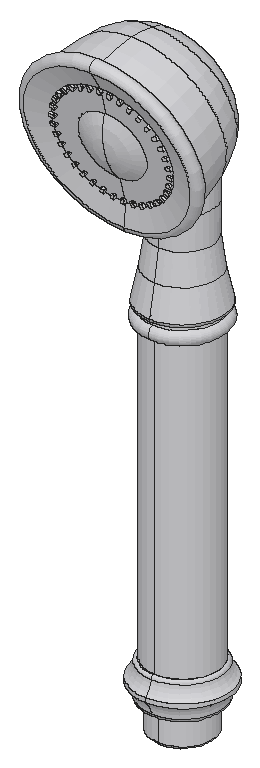
Revit family "Shower-Handshower-KOHLER-FINIAL-K-11641T-1", category Plumbing Fixtures, host Face, Revit 2017
Family settings
  Host = Face
  Round Connector Dimension = Use Diameter
  Part Type = Normal
  OmniClass Number = 23.31.17.00
  Cut with Voids When Loaded = No
  Shared = No
  Room Calculation Point = No
Parameters (values of type "CP- Polished Chrome")
  Width = 2 111/256"  # constant formula
  WaterSense Certified = 1 = 0  # no
  Waste Water Outlet = "Waste Water Outlet"  # constant formula
  Waste Connection = 1 = 0  # no
  Vent Connection = 1 = 0  # no
  URL = "http://www.kohler.com.cn/"
  Type = 1
  Tempered Water Inlet = "Tempered Water Inlet"  # constant formula
  Product Page URL = ""
  Product Name = "FINIAL"  # constant formula
  Product Documentation Link = ""
  Pressure = 72.519 psi  # constant formula
  Panel Thickness = 0"
  Model = "K-11641T-CP"  # constant formula
  Material = "Premium Metal Construction"  # constant formula
  Master Format 2014 Name = "Residential Showers"  # constant formula
  Master Format 2014 = "22 42 23"  # constant formula
  Manufacturer Address = "Kohler Beijing Office (100016) 36-2-03-B, No. 88, Liuxiang Road, Beijing"  # constant formula
  Manufacturer = "KOHLER Co."  # constant formula
  Length = 2 25/128"  # constant formula
  Hot Water Inlet = "Hot Water Inlet"  # constant formula
  Height = 8 53/64"  # constant formula
  HW Connection = 1 = 1  # yes
  Flow Rate = 0 GPM
  Finish = Kohler-Metal-CP-Polished_Chrome
  Environmental Product Declaration = ""
  Drain Included = 1 = 0  # no
  Description = "Classic Handspray"  # constant formula
  Default Elevation = 0"
  Declare Label = ""
  Date Modified = "03/10/2021"  # constant formula
  Date Created = "03/10/2021"  # constant formula
  Copyright = "Copyright KOHLER Co."  # constant formula
  Contact Us = "http://www.kohler.com.cn/contact/contact-us/"
  Cold Water Inlet = "Cold Water Inlet"  # constant formula
  CW Connection = 1 = 0  # no
  Assembly Code = "D2010700"
  ADA Compliant = 1 = 0  # no
Reference planes (in)
  plane 1 "Center (Front/Back)": y = 0
  plane 2: z = 0
  plane 3 "Center (Left/Right)": x = 0
  plane 4: y = 0.62008
  plane 5: y = -0.62008
  plane 6: z = 0.4
  plane 7: z = 8.82812
  plane 8: z = 7.67605
  plane 9: z = 6.47504
  plane 10: x = 0.62008
  plane 11: x = -1.21586
  plane 12: x = -0.62008
  plane 13: x = 1.21774
  plane 14: y = -1.57523
Dimensions and locks (in)
  "Width": plane 11 to plane 13
  "Length": plane 14 to plane 4
  plane 5 to plane 4 = 1.24016"
  plane 12 to plane 10 = 1.24016"
  plane 4 to plane 14 = 2 25/128"
  "Height": level to plane 7
  level to plane 6 = 0.4"
  plane 4 to plane 5 = 1.24016"
  aligned and locked: plane 2 to host face
  aligned and locked: level to host face
  aligned and locked: plane 3 "Center (Left/Right)" to nested 1
  aligned and locked: plane 1 "Center (Front/Back)" to nested 1
Automatic sketch dimensions
  host sketch curve to host sketch curve = 96"  (x2)
Nested families (in)
  nested 1: "K-11641T" at (0, 0, 0), type "K-11641T"
Connectors (in)
  piping at (0, 0, 0), diameter 0.5, driven by "Flow Rate", driven by "Pressure", driven by "HW Connection", driven by "Tempered Water Inlet"
    settings: on nested 1, index 1, connector inside diameter 24", connector length 0", flow factor 0, pipe flow 0 GPM, pressure drop 72.519 psi, fitting loss kfactor 0, connector angle 0.00°, fixture units 0, engagement length 0", angle of deflection 0.00°, flow configuration 0, flow direction 1, fitting loss method 4, system type 19, joint type 0, gender type 0, connector reference index -1, connector utility 1, adjustable connector no, is connector primary yes, connector description "Tempered Water Inlet"
Definition of nested family "K-11641T"
  Parameters (values of type "K-11641T")
    Material = none
  Reference planes (in)
    plane 1 "Center (Front/Back)": y = 0
    plane 2: z = 0
    plane 3 "Center (Left/Right)": x = 0
    plane 4 "A": through (0, -1.38624, 8.72337) normal (0, -0.9659, -0.2588)
    plane 5: y = 0.62008
    plane 6: y = -0.62008
    plane 7: z = 8.83
    plane 8: z = 0.4
    plane 9: x = -0.62008
    plane 10: x = 0.62008
    plane 11: x = -1.21586
    plane 12: x = 1.21586
    plane 13: y = -1.57456
    plane 14: z = 7.67605
    plane 15: z = 6.47504
  Forms (in)
    Revolve 1, solid, material <- "Material", detail levels medium+fine
      sketch origin (0, 0, 0) x (0, 1, 0) y (0, 0, 1)
        loop
          line (0, 0.4) -> (0.47991, 0.4)
          arc (0.47991, 0.4) -> (0.51043, 0.41191) -> (0.52482, 0.44134) r 0.04507
          arc (0.52482, 0.44134) -> (0.55402, 0.54065) -> (0.62008, 0.62034) r 0.25662
          line (0.62008, 0.62034) -> (0.62008, 0.67958)
          arc (0.62008, 0.67958) -> (0.55345, 0.76036) -> (0.52463, 0.86103) r 0.25662
          arc (0.52463, 0.86103) -> (0.51135, 0.8887) -> (0.48278, 0.89992) r 0.04196
          line (0.48278, 0.89992) -> (0, 0.89992) -> (0, 0.4)
        axis (0, 0.89992) -> (0, 0.4)
      angle from 0 to 360
    Revolve 2, solid, material <- "Material", detail levels medium+fine
      sketch origin (0, 0, 0) x (0, 1, 0) y (0, 0, 1)
        loop
          line (0, 0) -> (0.369, 0) -> (0.40897, 0.03997) -> (0.40897, 0.89978) -> (0.47014, 0.89978) -> (0.47014, 4.9801)
          arc (0.47014, 4.9801) -> (0.57205, 5.05559) -> (0.50007, 5.16) r 0.09124
          line (0.50007, 5.16) -> (0.50007, 5.22) -> (0, 5.22) -> (0, 0)
        axis (0, 0) -> (0, 5.22)
      angle from 0 to 360
    Revolve 3, solid, material <- "Material", detail levels medium+fine
      sketch origin (0, 0, 0) x (0, 1, 0) y (0, 0, 1)
        loop
          line (-1.10672, 7.68018) -> (-1.39653, 8.76176)
          arc (-1.39653, 8.76176) -> (-1.5123, 8.82418) -> (-1.56786, 8.70496) r 0.0904
          line (-1.56786, 8.70496) -> (-1.40471, 8.44387) -> (-1.19383, 7.65684) -> (-1.10672, 7.68018)
        axis (-1.28077, 7.63355) -> (-1.10672, 7.68018)
      angle from 0 to 360
    Extrusion 4, solid, detail levels medium+fine
      sketch origin (0, -1.19383, 7.65684) x (0, -0.258819, 0.965926) y (-1, 0, 0)
        loop
          line (0.81447, 0.02282) -> (0.76451, 0.02282)
          arc (0.76451, 0.02282) -> (0.74169, 0) -> (0.76451, -0.02282) r 0.02282
          line (0.76451, -0.02282) -> (0.81447, -0.02282)
          arc (0.81447, -0.02282) -> (0.81479, 0) -> (0.81447, 0.02282) r 0.81479
        loop
          line (-0.81447, -0.02282) -> (-0.77103, -0.02282)
          arc (-0.77103, -0.02282) -> (-0.74821, 0) -> (-0.77103, 0.02282) r 0.02282
          line (-0.77103, 0.02282) -> (-0.81447, 0.02282)
          arc (-0.81447, 0.02282) -> (-0.81479, 0) -> (-0.81447, -0.02282) r 0.81479
        loop
          line (0.75498, 0.11104) -> (0.80593, 0.11987)
          arc (0.80593, 0.11987) -> (0.80225, 0.14239) -> (0.79795, 0.1648) r 0.81479
          line (0.79795, 0.1648) -> (0.74715, 0.15584)
          arc (0.74715, 0.15584) -> (0.7287, 0.12953) -> (0.75498, 0.11104) r 0.02274
        loop
          line (0.80593, -0.11986) -> (0.75461, -0.11082)
          arc (0.75461, -0.11082) -> (0.72827, -0.12923) -> (0.74665, -0.15559) r 0.02274
          line (0.74665, -0.15559) -> (0.79795, -0.16479)
          arc (0.79795, -0.16479) -> (0.80225, -0.14239) -> (0.80593, -0.11986) r 0.81479
        loop
          line (0.77259, -0.25883) -> (0.72495, -0.24149)
          arc (0.72495, -0.24149) -> (0.6957, -0.25513) -> (0.70934, -0.28438) r 0.02282
          line (0.70934, -0.28438) -> (0.75688, -0.30168)
          arc (0.75688, -0.30168) -> (0.76504, -0.28037) -> (0.77259, -0.25883) r 0.81479
        loop
          line (0.71551, -0.38979) -> (0.67123, -0.36423)
          arc (0.67123, -0.36423) -> (0.64019, -0.37252) -> (0.64844, -0.40358) r 0.02274
          line (0.64844, -0.40358) -> (0.69256, -0.42923)
          arc (0.69256, -0.42923) -> (0.70431, -0.40967) -> (0.71551, -0.38979) r 0.81479
        loop
          line (0.63648, -0.5087) -> (0.59689, -0.47548)
          arc (0.59689, -0.47548) -> (0.56474, -0.47829) -> (0.56756, -0.51044) r 0.02282
          line (0.56756, -0.51044) -> (0.607, -0.54354)
          arc (0.607, -0.54354) -> (0.62199, -0.52633) -> (0.63648, -0.5087) r 0.81479
        loop
          line (0.53799, -0.61193) -> (0.50248, -0.5696)
          arc (0.50248, -0.5696) -> (0.47048, -0.56678) -> (0.46761, -0.59877) r 0.02273
          line (0.46761, -0.59877) -> (0.50289, -0.64108)
          arc (0.50289, -0.64108) -> (0.52064, -0.62675) -> (0.53799, -0.61193) r 0.81479
        loop
          line (0.35831, -0.67537) -> (0.38346, -0.71892)
          arc (0.38346, -0.71892) -> (0.40344, -0.7079) -> (0.42311, -0.69632) r 0.81479
          line (0.42311, -0.69632) -> (0.39784, -0.65255)
          arc (0.39784, -0.65255) -> (0.36667, -0.6442) -> (0.35831, -0.67537) r 0.02282
        loop
          line (0.2954, -0.75936) -> (0.27786, -0.71117)
          arc (0.27786, -0.71117) -> (0.24875, -0.69757) -> (0.23511, -0.72666) r 0.02274
          line (0.23511, -0.72666) -> (0.25244, -0.7747)
          arc (0.25244, -0.7747) -> (0.27403, -0.76733) -> (0.2954, -0.75936) r 0.81479
        loop
          line (0.15882, -0.79916) -> (0.1502, -0.75029)
          arc (0.1502, -0.75029) -> (0.12377, -0.73178) -> (0.10526, -0.75822) r 0.02282
          line (0.10526, -0.75822) -> (0.11383, -0.8068)
          arc (0.11383, -0.8068) -> (0.13638, -0.8033) -> (0.15882, -0.79916) r 0.81479
        loop
          arc (0.01755, -0.76379) -> (-0.00515, -0.74105) -> (-0.02791, -0.76372) r 0.02273
          line (-0.02791, -0.76372) -> (-0.02806, -0.81431)
          arc (-0.02806, -0.81431) -> (-0.00526, -0.81477) -> (0.01755, -0.8146) r 0.81479
          line (0.01755, -0.8146) -> (0.01755, -0.76379)
        loop
          line (-0.12409, -0.80529) -> (-0.11578, -0.75817)
          arc (-0.11578, -0.75817) -> (-0.13429, -0.73174) -> (-0.16072, -0.75024) r 0.02282
          line (-0.16072, -0.75024) -> (-0.16898, -0.79708)
          arc (-0.16898, -0.79708) -> (-0.14659, -0.8015) -> (-0.12409, -0.80529) r 0.81479
        loop
          line (-0.26181, -0.77158) -> (-0.24534, -0.72633)
          arc (-0.24534, -0.72633) -> (-0.2589, -0.6972) -> (-0.28805, -0.71071) r 0.02273
          line (-0.28805, -0.71071) -> (-0.30458, -0.75572)
          arc (-0.30458, -0.75572) -> (-0.28331, -0.76395) -> (-0.26181, -0.77158) r 0.81479
        loop
          line (-0.39148, -0.71458) -> (-0.36755, -0.67313)
          arc (-0.36755, -0.67313) -> (-0.3759, -0.64196) -> (-0.40707, -0.65032) r 0.02282
          line (-0.40707, -0.65032) -> (-0.43087, -0.69154)
          arc (-0.43087, -0.69154) -> (-0.41134, -0.70334) -> (-0.39148, -0.71458) r 0.81479
        loop
          line (-0.50921, -0.63608) -> (-0.47859, -0.59958)
          arc (-0.47859, -0.59958) -> (-0.48136, -0.56758) -> (-0.51337, -0.57031) r 0.02273
          line (-0.51337, -0.57031) -> (-0.544, -0.60659)
          arc (-0.544, -0.60659) -> (-0.52681, -0.62158) -> (-0.50921, -0.63608) r 0.81479
        loop
          line (-0.6115, -0.53848) -> (-0.57568, -0.50842)
          arc (-0.57568, -0.50842) -> (-0.57287, -0.47628) -> (-0.60501, -0.47346) r 0.02282
          line (-0.60501, -0.47346) -> (-0.64069, -0.5034)
          arc (-0.64069, -0.5034) -> (-0.62634, -0.52114) -> (-0.6115, -0.53848) r 0.81479
        loop
          line (-0.69532, -0.42475) -> (-0.65436, -0.40111)
          arc (-0.65436, -0.40111) -> (-0.64603, -0.37008) -> (-0.67704, -0.3617) r 0.02273
          line (-0.67704, -0.3617) -> (-0.71799, -0.38519)
          arc (-0.71799, -0.38519) -> (-0.70693, -0.40513) -> (-0.69532, -0.42475) r 0.81479
        loop
          line (-0.75821, -0.29833) -> (-0.7164, -0.28312)
          arc (-0.7164, -0.28312) -> (-0.70276, -0.25387) -> (-0.73201, -0.24023) r 0.02282
          line (-0.73201, -0.24023) -> (-0.77372, -0.25541)
          arc (-0.77372, -0.25541) -> (-0.76627, -0.27698) -> (-0.75821, -0.29833) r 0.81479
        loop
          line (-0.79832, -0.16301) -> (-0.75344, -0.15509)
          arc (-0.75344, -0.15509) -> (-0.73499, -0.12879) -> (-0.76127, -0.11031) r 0.02273
          line (-0.76127, -0.11031) -> (-0.80619, -0.11809)
          arc (-0.80619, -0.11809) -> (-0.80257, -0.1406) -> (-0.79832, -0.16301) r 0.81479
        loop
          line (-0.80619, 0.11806) -> (-0.76233, 0.11032)
          arc (-0.76233, 0.11032) -> (-0.736, 0.12873) -> (-0.75437, 0.15509) r 0.02273
          line (-0.75437, 0.15509) -> (-0.79833, 0.16297)
          arc (-0.79833, 0.16297) -> (-0.80257, 0.14057) -> (-0.80619, 0.11806) r 0.81479
        loop
          line (-0.77372, 0.25541) -> (-0.72944, 0.2393)
          arc (-0.72944, 0.2393) -> (-0.7002, 0.25293) -> (-0.71383, 0.28218) r 0.02282
          line (-0.71383, 0.28218) -> (-0.75821, 0.29833)
          arc (-0.75821, 0.29833) -> (-0.76627, 0.27698) -> (-0.77372, 0.25541) r 0.81479
        loop
          line (-0.71801, 0.38516) -> (-0.67619, 0.36101)
          arc (-0.67619, 0.36101) -> (-0.64516, 0.3693) -> (-0.6534, 0.40035) r 0.02273
          line (-0.6534, 0.40035) -> (-0.69534, 0.42472)
          arc (-0.69534, 0.42472) -> (-0.70695, 0.4051) -> (-0.71801, 0.38516) r 0.81479
        loop
          line (-0.64069, 0.5034) -> (-0.60473, 0.47323)
          arc (-0.60473, 0.47323) -> (-0.57259, 0.47604) -> (-0.5754, 0.50819) r 0.02282
          line (-0.5754, 0.50819) -> (-0.6115, 0.53848)
          arc (-0.6115, 0.53848) -> (-0.62634, 0.52114) -> (-0.64069, 0.5034) r 0.81479
        loop
          line (-0.54402, 0.60657) -> (-0.51406, 0.57086)
          arc (-0.51406, 0.57086) -> (-0.48206, 0.56804) -> (-0.47919, 0.60004) r 0.02273
          line (-0.47919, 0.60004) -> (-0.50923, 0.63606)
          arc (-0.50923, 0.63606) -> (-0.52683, 0.62156) -> (-0.54402, 0.60657) r 0.81479
        loop
          line (-0.43087, 0.69154) -> (-0.40775, 0.6515)
          arc (-0.40775, 0.6515) -> (-0.37658, 0.64314) -> (-0.36823, 0.67431) r 0.02282
          line (-0.36823, 0.67431) -> (-0.39148, 0.71458)
          arc (-0.39148, 0.71458) -> (-0.41134, 0.70334) -> (-0.43087, 0.69154) r 0.81479
        loop
          line (-0.3046, 0.75571) -> (-0.28824, 0.71077)
          arc (-0.28824, 0.71077) -> (-0.25914, 0.69717) -> (-0.24549, 0.72625) r 0.02273
          line (-0.24549, 0.72625) -> (-0.26184, 0.77157)
          arc (-0.26184, 0.77157) -> (-0.28333, 0.76394) -> (-0.3046, 0.75571) r 0.81479
        loop
          line (-0.16898, 0.79708) -> (-0.16121, 0.75304)
          arc (-0.16121, 0.75304) -> (-0.13478, 0.73453) -> (-0.11627, 0.76096) r 0.02282
          line (-0.11627, 0.76096) -> (-0.12409, 0.80529)
          arc (-0.12409, 0.80529) -> (-0.14659, 0.8015) -> (-0.16898, 0.79708) r 0.81479
        loop
          arc (-0.02808, 0.76509) -> (-0.00538, 0.74235) -> (0.01739, 0.76502) r 0.02274
          line (0.01739, 0.76502) -> (0.01753, 0.8146)
          arc (0.01753, 0.8146) -> (-0.00528, 0.81477) -> (-0.02808, 0.81431) r 0.81479
          line (-0.02808, 0.81431) -> (-0.02808, 0.76509)
        loop
          line (0.11383, 0.8068) -> (0.10532, 0.75854)
          arc (0.10532, 0.75854) -> (0.12383, 0.73211) -> (0.15026, 0.75061) r 0.02282
          line (0.15026, 0.75061) -> (0.15882, 0.79916)
          arc (0.15882, 0.79916) -> (0.13638, 0.8033) -> (0.11383, 0.8068) r 0.81479
        loop
          line (0.25242, 0.7747) -> (0.23625, 0.73028)
          arc (0.23625, 0.73028) -> (0.24981, 0.70114) -> (0.27897, 0.71466) r 0.02274
          line (0.27897, 0.71466) -> (0.29539, 0.75936)
          arc (0.29539, 0.75936) -> (0.27401, 0.76733) -> (0.25242, 0.7747) r 0.81479
        loop
          line (0.38346, 0.71892) -> (0.35958, 0.67756)
          arc (0.35958, 0.67756) -> (0.36793, 0.64639) -> (0.3991, 0.65474) r 0.02282
          line (0.3991, 0.65474) -> (0.42311, 0.69632)
          arc (0.42311, 0.69632) -> (0.40344, 0.7079) -> (0.38346, 0.71892) r 0.81479
        loop
          line (0.50288, 0.64109) -> (0.46993, 0.60181)
          arc (0.46993, 0.60181) -> (0.47271, 0.5698) -> (0.50472, 0.57253) r 0.02274
          line (0.50472, 0.57253) -> (0.53798, 0.61193)
          arc (0.53798, 0.61193) -> (0.52064, 0.62675) -> (0.50288, 0.64109) r 0.81479
        loop
          line (0.607, 0.54354) -> (0.56814, 0.51093)
          arc (0.56814, 0.51093) -> (0.56532, 0.47878) -> (0.59747, 0.47597) r 0.02282
          line (0.59747, 0.47597) -> (0.63648, 0.5087)
          arc (0.63648, 0.5087) -> (0.62199, 0.52633) -> (0.607, 0.54354) r 0.81479
        loop
          line (0.69256, 0.42924) -> (0.64861, 0.40386)
          arc (0.64861, 0.40386) -> (0.64027, 0.37283) -> (0.67129, 0.36444) r 0.02274
          line (0.67129, 0.36444) -> (0.7155, 0.38979)
          arc (0.7155, 0.38979) -> (0.70431, 0.40968) -> (0.69256, 0.42924) r 0.81479
        loop
          line (0.75688, 0.30168) -> (0.71155, 0.28518)
          arc (0.71155, 0.28518) -> (0.69791, 0.25593) -> (0.72716, 0.2423) r 0.02282
          line (0.72716, 0.2423) -> (0.77259, 0.25883)
          arc (0.77259, 0.25883) -> (0.76504, 0.28037) -> (0.75688, 0.30168) r 0.81479
      from -0.18478 to 0.02982
    Revolve 5, solid, material <- "Material", detail levels medium+fine
      sketch origin (0, 0, 0) x (0, 1, 0) y (0, 0, 1)
        loop
          line (-1.19246, 7.65176) -> (-1.31174, 8.09689)
          arc (-1.31174, 8.09689) -> (-1.34831, 7.85796) -> (-1.31785, 7.61816) r 0.8716
          line (-1.31785, 7.61816) -> (-1.19246, 7.65176)
        axis (-1.31785, 7.61816) -> (-1.19246, 7.65176)
      angle from 0 to 360
    Revolve 6, solid, material <- "Material"
      sketch origin (0, 0, 0) x (0, 1, 0) y (0, 0, 1)
        loop
          line (-1.10424, 7.67092) -> (0.17529, 8.01377)
          arc (0.17529, 8.01377) -> (0.07532, 8.2491) -> (-0.04653, 8.47389) r 2.69175
          arc (-0.04653, 8.47389) -> (-0.08867, 8.53576) -> (-0.13718, 8.59276) r 0.69821
          arc (-0.13718, 8.59276) -> (-0.30244, 8.72142) -> (-0.49842, 8.79527) r 0.69821
          arc (-0.49842, 8.79527) -> (-0.6759, 8.82068) -> (-0.85519, 8.82191) r 1.32574
          arc (-0.85519, 8.82191) -> (-1.1243, 8.79126) -> (-1.3887, 8.73256) r 2.57828
          line (-1.3887, 8.73256) -> (-1.10424, 7.67092)
        axis (0.17529, 8.01377) -> (-1.10424, 7.67092)
      angle from 0 to 360
    Revolve 7, solid, material <- "Material"
      sketch origin (0, 0, 0) x (0, 1, 0) y (0, 0, 1)
        loop
          line (0, 5.22) -> (0.52816, 5.22)
          arc (0.52816, 5.22) -> (0.55116, 5.23109) -> (0.55679, 5.25599) r 0.02938
          line (0.55679, 5.25599) -> (0.46375, 5.65899)
          arc (0.46375, 5.65899) -> (0.4259, 5.85728) -> (0.40331, 6.05788) r 2.63887
          arc (0.40331, 6.05788) -> (0.39621, 6.2751) -> (0.40701, 6.49217) r 2.63887
          arc (0.40701, 6.49217) -> (0.41473, 6.66398) -> (0.4066, 6.83578) r 1.86814
          arc (0.4066, 6.83578) -> (0.37251, 7.13766) -> (0.32686, 7.43801) r 7.92017
          arc (0.32686, 7.43801) -> (0.20562, 7.87699) -> (0, 8.28334) r 2.29276
          line (0, 8.28334) -> (0, 5.22)
        axis (0, 5.22) -> (0, 8.28334)
      angle from 0 to 360
    Extrusion 8, solid, material <- "Material", detail levels coarse
      sketch origin (0, 0, 0) x (1, 0, 0) y (0, 1, 0)
        loop
          circle (0, 0) r 0.59055
      from 0 to 5.22
    Revolve 9, solid, material <- "Material", detail levels coarse
      sketch origin (0, 0, 0) x (0, 1, 0) y (0, 0, 1)
        loop
          line (-1.10672, 7.68018) -> (-1.39669, 8.76236)
          arc (-1.39669, 8.76236) -> (-1.50703, 8.82607) -> (-1.57074, 8.71572) r 0.0901
          line (-1.57074, 8.71572) -> (-1.28077, 7.63355) -> (-1.10672, 7.68018)
        axis (-1.28077, 7.63355) -> (-1.10672, 7.68018)
      angle from 0 to 360
  Cuts and joins
    joined: Revolve 2, Revolve 3
  Lines and regions (in)
    Masking region 1
      outline origin (0, 0, 0) x (0, 1, 0) y (0, 0, 1)
        loop
          line (0.62008, 0.62034) -> (0.62008, 0.67958)
          arc (0.62008, 0.67958) -> (0.55345, 0.76036) -> (0.52463, 0.86103) r 0.25662
          arc (0.52463, 0.86103) -> (0.5065, 0.89322) -> (0.47014, 0.89978) r 0.0434
          line (0.47014, 0.89978) -> (0.47014, 4.98034)
          arc (0.47014, 4.98034) -> (0.57366, 5.05542) -> (0.50007, 5.16) r 0.09108
          line (0.50007, 5.16) -> (0.50007, 5.22) -> (0.53257, 5.22)
          arc (0.53257, 5.22) -> (0.55089, 5.22884) -> (0.55538, 5.24868) r 0.02341
          line (0.55538, 5.24868) -> (0.46095, 5.6577)
          arc (0.46095, 5.6577) -> (0.4204, 5.88623) -> (0.40347, 6.11772) r 2.26362
          arc (0.40347, 6.11772) -> (0.4025, 6.27516) -> (0.40644, 6.43255) r 5.05233
          arc (0.40644, 6.43255) -> (0.40789, 6.73491) -> (0.38769, 7.0366) r 4.22155
          arc (0.38769, 7.0366) -> (0.31264, 7.50496) -> (0.18552, 7.96195) r 4.22155
          arc (0.18552, 7.96195) -> (0.11207, 8.16148) -> (0.02868, 8.35705) r 4.22155
          arc (0.02868, 8.35705) -> (-0.00508, 8.42125) -> (-0.0458, 8.48128) r 0.64919
          arc (-0.0458, 8.48128) -> (-0.11588, 8.56651) -> (-0.19198, 8.64642) r 1.51657
          arc (-0.19198, 8.64642) -> (-0.24932, 8.69404) -> (-0.31353, 8.73188) r 0.46476
          arc (-0.31353, 8.73188) -> (-0.44911, 8.78438) -> (-0.59151, 8.81376) r 0.87737
          arc (-0.59151, 8.81376) -> (-0.72459, 8.82402) -> (-0.85807, 8.82268) r 1.5336
          arc (-0.85807, 8.82268) -> (-1.12602, 8.79304) -> (-1.38892, 8.73338) r 2.38606
          line (-1.38892, 8.73338) -> (-1.39804, 8.76511)
          arc (-1.39804, 8.76511) -> (-1.50838, 8.82686) -> (-1.5711, 8.71708) r 0.08981
          line (-1.5711, 8.71708) -> (-1.34569, 7.87584)
          arc (-1.34569, 7.87584) -> (-1.31544, 7.61095) -> (-1.2092, 7.36642) r 0.90349
          line (-1.2092, 7.36642) -> (-0.98824, 6.54182)
          arc (-0.98824, 6.54182) -> (-0.8779, 6.47811) -> (-0.81419, 6.58845) r 0.0901
          line (-0.81419, 6.58845) -> (-0.82231, 6.61873)
          arc (-0.82231, 6.61873) -> (-0.52234, 6.36109) -> (-0.41542, 5.98039) r 0.68301
          arc (-0.41542, 5.98039) -> (-0.43239, 5.7867) -> (-0.47527, 5.59706) r 1.44135
          line (-0.47527, 5.59706) -> (-0.5764, 5.25801)
          arc (-0.5764, 5.25801) -> (-0.57177, 5.2319) -> (-0.54807, 5.22) r 0.02956
          line (-0.54807, 5.22) -> (-0.50007, 5.22) -> (-0.50007, 5.16)
          arc (-0.50007, 5.16) -> (-0.57366, 5.05542) -> (-0.47014, 4.98034) r 0.09108
          line (-0.47014, 4.98034) -> (-0.47014, 0.89978)
          arc (-0.47014, 0.89978) -> (-0.5065, 0.89322) -> (-0.52463, 0.86103) r 0.0434
          arc (-0.52463, 0.86103) -> (-0.55345, 0.76036) -> (-0.62008, 0.67958) r 0.25662
          line (-0.62008, 0.67958) -> (-0.62008, 0.62034)
          arc (-0.62008, 0.62034) -> (-0.55402, 0.54065) -> (-0.52482, 0.44134) r 0.25662
          arc (-0.52482, 0.44134) -> (-0.51043, 0.41191) -> (-0.47991, 0.4) r 0.04507
          line (-0.47991, 0.4) -> (-0.40897, 0.4) -> (-0.40897, 0.03997) -> (-0.369, 0) -> (0.369, 0) -> (0.40897, 0.03997) -> (0.40897, 0.4) -> (0.47991, 0.4)
          arc (0.47991, 0.4) -> (0.51043, 0.41191) -> (0.52482, 0.44134) r 0.04507
          arc (0.52482, 0.44134) -> (0.55402, 0.54065) -> (0.62008, 0.62034) r 0.25662
    Masking region 2
      outline origin (0, 0, 0) x (1, 0, 0) y (0, 0, 1)
        loop
          arc (-0.62008, 0.62034) -> (-0.55402, 0.54065) -> (-0.52482, 0.44134) r 0.25662
          arc (-0.52482, 0.44134) -> (-0.51043, 0.41191) -> (-0.47991, 0.4) r 0.04507
          line (-0.47991, 0.4) -> (-0.40897, 0.4) -> (-0.40897, 0.03997) -> (-0.369, 0) -> (0.369, 0) -> (0.40897, 0.03997) -> (0.40897, 0.4) -> (0.47991, 0.4)
          arc (0.47991, 0.4) -> (0.51043, 0.41191) -> (0.52482, 0.44134) r 0.04507
          arc (0.52482, 0.44134) -> (0.55402, 0.54065) -> (0.62008, 0.62034) r 0.25662
          line (0.62008, 0.62034) -> (0.62008, 0.67958)
          arc (0.62008, 0.67958) -> (0.55345, 0.76036) -> (0.52463, 0.86103) r 0.25662
          arc (0.52463, 0.86103) -> (0.5065, 0.89322) -> (0.47014, 0.89978) r 0.0434
          line (0.47014, 0.89978) -> (0.47014, 4.98034)
          arc (0.47014, 4.98034) -> (0.57366, 5.05542) -> (0.50007, 5.16) r 0.09108
          line (0.50007, 5.16) -> (0.50007, 5.22) -> (0.53768, 5.22)
          arc (0.53768, 5.22) -> (0.56046, 5.23107) -> (0.56584, 5.25582) r 0.02898
          line (0.56584, 5.25582) -> (0.47526, 5.62817)
          arc (0.47526, 5.62817) -> (0.43321, 5.81794) -> (0.40868, 6.01077) r 2.1258
          arc (0.40868, 6.01077) -> (0.42524, 6.30835) -> (0.52136, 6.59047) r 1.0959
          arc (0.52136, 6.59047) -> (1.02827, 7.01096) -> (1.21672, 7.64204) r 1.13617
          arc (1.21672, 7.64204) -> (1.12313, 8.09689) -> (0.86052, 8.47989) r 1.17422
          arc (0.86052, 8.47989) -> (-0.00262, 8.83002) -> (-0.86577, 8.47989) r 1.239
          arc (-0.86577, 8.47989) -> (-1.19685, 7.86052) -> (-1.10758, 7.1639) r 1.15406
          arc (-1.10758, 7.1639) -> (-0.86622, 6.82445) -> (-0.52009, 6.59279) r 1.15406
          arc (-0.52009, 6.59279) -> (-0.41715, 6.27092) -> (-0.41559, 5.933) r 1.11263
          arc (-0.41559, 5.933) -> (-0.44202, 5.77784) -> (-0.47492, 5.62391) r 3.76327
          line (-0.47492, 5.62391) -> (-0.56655, 5.25822)
          arc (-0.56655, 5.25822) -> (-0.56096, 5.23183) -> (-0.53672, 5.22) r 0.03075
          line (-0.53672, 5.22) -> (-0.50007, 5.22) -> (-0.50007, 5.16)
          arc (-0.50007, 5.16) -> (-0.57366, 5.05542) -> (-0.47014, 4.98034) r 0.09108
          line (-0.47014, 4.98034) -> (-0.47014, 0.89978)
          arc (-0.47014, 0.89978) -> (-0.5065, 0.89322) -> (-0.52463, 0.86103) r 0.0434
          arc (-0.52463, 0.86103) -> (-0.55345, 0.76036) -> (-0.62008, 0.67958) r 0.25662
          line (-0.62008, 0.67958) -> (-0.62008, 0.62034)
    Masking region 3
      outline origin (0, 0, 0) x (1, 0, 0) y (0, 1, 0)
        loop
          arc (0.61993, 0.01366) -> (0.4336, 0.44326) -> (0, 0.62008) r 0.62008
          arc (0, 0.62008) -> (-0.4336, 0.44326) -> (-0.61993, 0.01366) r 0.62008
          arc (-0.61993, 0.01366) -> (-0.82106, -0.26962) -> (-0.9827, -0.57715) r 2.60464
          arc (-0.9827, -0.57715) -> (-1.05676, -0.78958) -> (-1.09527, -1.01123) r 1.37814
          arc (-1.09527, -1.01123) -> (-1.15089, -1.05249) -> (-1.19246, -1.10787) r 0.24068
          arc (-1.19246, -1.10787) -> (-1.21405, -1.19252) -> (-1.19246, -1.27716) r 0.17671
          arc (-1.19246, -1.27716) -> (-1.181, -1.29543) -> (-1.16739, -1.31216) r 0.17671
          arc (-1.16739, -1.31216) -> (-1.09733, -1.37334) -> (-1.01567, -1.41789) r 0.42675
          arc (-1.01567, -1.41789) -> (-0.84474, -1.4777) -> (-0.66838, -1.51883) r 1.68692
          arc (-0.66838, -1.51883) -> (-0.33547, -1.56212) -> (0, -1.57456) r 3.64039
          arc (0, -1.57456) -> (0.33547, -1.56212) -> (0.66838, -1.51883) r 3.64039
          arc (0.66838, -1.51883) -> (0.84474, -1.4777) -> (1.01567, -1.41789) r 1.68692
          arc (1.01567, -1.41789) -> (1.09733, -1.37334) -> (1.16739, -1.31216) r 0.42675
          arc (1.16739, -1.31216) -> (1.181, -1.29543) -> (1.19246, -1.27716) r 0.17671
          arc (1.19246, -1.27716) -> (1.21405, -1.19252) -> (1.19246, -1.10787) r 0.17671
          arc (1.19246, -1.10787) -> (1.15089, -1.05249) -> (1.09527, -1.01123) r 0.24068
          arc (1.09527, -1.01123) -> (1.05676, -0.78958) -> (0.9827, -0.57715) r 1.37814
          arc (0.9827, -0.57715) -> (0.82106, -0.26962) -> (0.61993, 0.01366) r 2.60464
    symbolic lines, detail levels medium+fine
      curve 1: line (0, 0.40897, 0.03997) -> (0, -0.40897, 0.03997)
      curve 2: line (0, 0.40897, 0.4) -> (0, -0.40897, 0.4)
      curve 3: line (0, 0.62008, 0.62034) -> (0, -0.62008, 0.62034)
      curve 4: line (0, 0.62008, 0.67958) -> (0, -0.62008, 0.67958)
      curve 5: line (0, 0.47014, 0.89978) -> (0, -0.47014, 0.89978)
      curve 6: line (0, 0.47014, 4.9801) -> (0, -0.47182, 4.9801)
      curve 7: line (0, 0.50007, 5.16) -> (0, -0.50007, 5.16)
      curve 8: line (0, 0.50007, 5.22) -> (0, -0.50007, 5.22)
      curve 9: line (0, 0.55538, 5.24868) -> (0, -0.57918, 5.24868)
      curve 10: line (0, -1.38892, 8.73338) -> (0, -0.82231, 6.61873)
      curve 11: line (0, -1.34569, 7.87584) -> (0, -1.2092, 7.36642)
      curve 12: line (-0.40897, 0, 0.03997) -> (0.40897, 0, 0.03997)
      curve 13: line (-0.40897, 0, 0.4) -> (0.40897, 0, 0.4)
      curve 14: line (-0.62008, 0, 0.62034) -> (0.62008, 0, 0.62034)
      curve 15: line (-0.62008, 0, 0.67958) -> (0.62008, 0, 0.67958)
      curve 16: line (-0.47014, 0, 0.89978) -> (0.47014, 0, 0.89978)
      curve 17: line (-0.47014, 0, 4.98034) -> (0.47014, 0, 4.98034)
      curve 18: line (-0.50007, 0, 5.16) -> (0.50007, 0, 5.16)
      curve 19: line (-0.50007, 0, 5.22) -> (0.50007, 0, 5.22)
      curve 20: line (-0.56655, 0, 5.25822) -> (0.56525, 0, 5.25822)
      curve 21: spline (0, 0, 6.56213) -> (-0.28708, 0, 6.59864) -> (-0.5546, 0, 6.70568) -> (-0.78433, 0, 6.87594) -> (-0.9606, 0, 7.09784) -> (-1.07141, 0, 7.35624) -> (-1.10921, 0, 7.63355) -> (-1.07141, 0, 7.91085) -> (-0.9606, 0, 8.16925) -> (-0.78433, 0, 8.39115) -> (-0.5546, 0, 8.56142) -> (-0.28708, 0, 8.66845) -> (0, 0, 8.70496)
      curve 22: spline (0, 0, 8.70496) -> (0.28708, 0, 8.66845) -> (0.5546, 0, 8.56142) -> (0.78433, 0, 8.39115) -> (0.9606, 0, 8.16925) -> (1.07141, 0, 7.91085) -> (1.10921, 0, 7.63355) -> (1.07141, 0, 7.35624) -> (0.9606, 0, 7.09784) -> (0.78433, 0, 6.87594) -> (0.5546, 0, 6.70568) -> (0.28708, 0, 6.59864) -> (0, 0, 6.56213)
      curve 23: spline (0, 0, 7.20662) -> (-0.11927, 0, 7.22179) -> (-0.23042, 0, 7.26626) -> (-0.32586, 0, 7.337) -> (-0.3991, 0, 7.42919) -> (-0.44514, 0, 7.53655) -> (-0.46084, 0, 7.65176) -> (-0.44514, 0, 7.76697) -> (-0.3991, 0, 7.87433) -> (-0.32586, 0, 7.96652) -> (-0.23042, 0, 8.03726) -> (-0.11927, 0, 8.08173) -> (0, 0, 8.09689)
      curve 24: spline (0, 0, 8.09689) -> (0.11927, 0, 8.08173) -> (0.23042, 0, 8.03726) -> (0.32586, 0, 7.96652) -> (0.3991, 0, 7.87433) -> (0.44514, 0, 7.76697) -> (0.46084, 0, 7.65176) -> (0.44514, 0, 7.53655) -> (0.3991, 0, 7.42919) -> (0.32586, 0, 7.337) -> (0.23042, 0, 7.26626) -> (0.11927, 0, 7.22179) -> (0, 0, 7.20662)
      curve 25: spline (0, 0, 6.86981) -> (-0.21088, 0, 6.89663) -> (-0.4074, 0, 6.97526) -> (-0.57614, 0, 7.10033) -> (-0.70563, 0, 7.26333) -> (-0.78703, 0, 7.45314) -> (-0.81479, 0, 7.65684) -> (-0.78703, 0, 7.86054) -> (-0.70563, 0, 8.05036) -> (-0.57614, 0, 8.21336) -> (-0.4074, 0, 8.33843) -> (-0.21088, 0, 8.41705) -> (0, 0, 8.44387)
      curve 26: spline (0, 0, 8.44387) -> (0.21088, 0, 8.41705) -> (0.4074, 0, 8.33843) -> (0.57614, 0, 8.21336) -> (0.70563, 0, 8.05036) -> (0.78703, 0, 7.86054) -> (0.81479, 0, 7.65684) -> (0.78703, 0, 7.45314) -> (0.70563, 0, 7.26333) -> (0.57614, 0, 7.10033) -> (0.4074, 0, 6.97526) -> (0.21088, 0, 6.89663) -> (0, 0, 6.86981)
      curve 27: line (-0.43263, 0, 8.32376) -> (-0.40386, 0, 8.27563)
      curve 28: spline (-0.40386, 0, 8.27563) -> (-0.40025, 0, 8.27109) -> (-0.39555, 0, 8.2676) -> (-0.39007, 0, 8.2654) -> (-0.38419, 0, 8.26465) -> (-0.37831, 0, 8.26539) -> (-0.37283, 0, 8.26758) -> (-0.36812, 0, 8.27106) -> (-0.3645, 0, 8.2756) -> (-0.36222, 0, 8.28088) -> (-0.36143, 0, 8.28656) -> (-0.36219, 0, 8.29224) -> (-0.36444, 0, 8.29754)
      curve 29: line (-0.36444, 0, 8.29754) -> (-0.39328, 0, 8.34612)
      curve 30: line (-0.30422, 0, 8.38695) -> (-0.28518, 0, 8.33643)
      curve 31: spline (-0.28518, 0, 8.33643) -> (-0.28243, 0, 8.33132) -> (-0.27841, 0, 8.32708) -> (-0.27338, 0, 8.32399) -> (-0.2677, 0, 8.32226) -> (-0.26175, 0, 8.32201) -> (-0.25593, 0, 8.32325) -> (-0.25065, 0, 8.32591) -> (-0.24626, 0, 8.3298) -> (-0.24306, 0, 8.33465) -> (-0.24127, 0, 8.34014) -> (-0.24101, 0, 8.34589) -> (-0.2423, 0, 8.3515)
      curve 32: line (-0.2423, 0, 8.3515) -> (-0.26142, 0, 8.40226)
      curve 33: line (-0.16616, 0, 8.42733) -> (-0.15584, 0, 8.37082)
      curve 34: line (-0.11104, 0, 8.37838) -> (-0.12122, 0, 8.43511)
      curve 35: spline (-0.15584, 0, 8.37082) -> (-0.15406, 0, 8.36535) -> (-0.15087, 0, 8.36052) -> (-0.1465, 0, 8.35665) -> (-0.14125, 0, 8.354) -> (-0.13546, 0, 8.35275) -> (-0.12953, 0, 8.35299) -> (-0.12387, 0, 8.35471) -> (-0.11886, 0, 8.35778) -> (-0.11485, 0, 8.36199) -> (-0.1121, 0, 8.36707) -> (-0.1108, 0, 8.37266) -> (-0.11104, 0, 8.37838)
      curve 36: spline (-0.02282, 0, 8.38758) -> (-0.02204, 0, 8.38188) -> (-0.01976, 0, 8.37656) -> (-0.01613, 0, 8.372) -> (-0.01141, 0, 8.3685) -> (-0.00591, 0, 8.36629) -> (0, 0, 8.36554) -> (0.00591, 0, 8.36629) -> (0.01141, 0, 8.3685) -> (0.01613, 0, 8.372) -> (0.01976, 0, 8.37656) -> (0.02204, 0, 8.38188) -> (0.02282, 0, 8.38758)
      curve 37: line (-0.02282, 0, 8.44356) -> (-0.02282, 0, 8.38758)
      curve 38: line (0.02282, 0, 8.38758) -> (0.02282, 0, 8.44356)
      curve 39: line (0.12124, 0, 8.43511) -> (0.11082, 0, 8.37802)
      curve 40: line (0.15559, 0, 8.37033) -> (0.16618, 0, 8.42733)
      curve 41: spline (0.11082, 0, 8.37802) -> (0.11056, 0, 8.3723) -> (0.11184, 0, 8.36671) -> (0.11457, 0, 8.36162) -> (0.11858, 0, 8.3574) -> (0.12357, 0, 8.35431) -> (0.12923, 0, 8.35258) -> (0.13515, 0, 8.35232) -> (0.14094, 0, 8.35355) -> (0.14621, 0, 8.35619) -> (0.15059, 0, 8.36005) -> (0.15379, 0, 8.36487) -> (0.15559, 0, 8.37033)
      curve 42: spline (0.24149, 0, 8.34937) -> (0.2402, 0, 8.34375) -> (0.24046, 0, 8.338) -> (0.24225, 0, 8.33251) -> (0.24545, 0, 8.32766) -> (0.24985, 0, 8.32378) -> (0.25513, 0, 8.32112) -> (0.26095, 0, 8.31987) -> (0.2669, 0, 8.32012) -> (0.27258, 0, 8.32185) -> (0.2776, 0, 8.32495) -> (0.28163, 0, 8.32919) -> (0.28438, 0, 8.33429)
      curve 43: line (0.28438, 0, 8.33429) -> (0.30422, 0, 8.38695)
      curve 44: line (0.39329, 0, 8.34611) -> (0.36423, 0, 8.29749)
      curve 45: line (0.40358, 0, 8.27547) -> (0.43264, 0, 8.32376)
      curve 46: spline (0.36423, 0, 8.29749) -> (0.36196, 0, 8.29219) -> (0.36118, 0, 8.28652) -> (0.36195, 0, 8.28084) -> (0.36422, 0, 8.27554) -> (0.36782, 0, 8.27099) -> (0.37252, 0, 8.2675) -> (0.378, 0, 8.2653) -> (0.38388, 0, 8.26454) -> (0.38976, 0, 8.26528) -> (0.39524, 0, 8.26746) -> (0.39996, 0, 8.27093) -> (0.40358, 0, 8.27547)
      curve 47: line (0.5127, 0, 8.26853) -> (0.47548, 0, 8.22568)
      curve 48: line (0.51044, 0, 8.19734) -> (0.54736, 0, 8.23984)
      curve 49: spline (0.47548, 0, 8.22568) -> (0.47228, 0, 8.22082) -> (0.47049, 0, 8.21534) -> (0.47023, 0, 8.20959) -> (0.47152, 0, 8.20397) -> (0.47427, 0, 8.19887) -> (0.47829, 0, 8.19463) -> (0.48332, 0, 8.19153) -> (0.489, 0, 8.1898) -> (0.49495, 0, 8.18955) -> (0.50077, 0, 8.1908) -> (0.50605, 0, 8.19346) -> (0.51044, 0, 8.19734)
      curve 50: line (0.61595, 0, 8.17204) -> (0.5696, 0, 8.13448)
      curve 51: line (0.59877, 0, 8.1008) -> (0.64485, 0, 8.13792)
      curve 52: spline (0.5696, 0, 8.13448) -> (0.5656, 0, 8.13026) -> (0.56286, 0, 8.12518) -> (0.56157, 0, 8.11959) -> (0.56182, 0, 8.11387) -> (0.5636, 0, 8.1084) -> (0.56678, 0, 8.10357) -> (0.57114, 0, 8.09969) -> (0.5764, 0, 8.09704) -> (0.58218, 0, 8.09579) -> (0.58811, 0, 8.09603) -> (0.59377, 0, 8.09773) -> (0.59877, 0, 8.1008)
      curve 53: line (0.69989, 0, 8.0598) -> (0.65255, 0, 8.03341)
      curve 54: line (0.67537, 0, 7.99523) -> (0.72215, 0, 8.02132)
      curve 55: spline (0.65255, 0, 8.03341) -> (0.64783, 0, 8.0299) -> (0.6442, 0, 8.02534) -> (0.64192, 0, 8.02002) -> (0.64115, 0, 8.01432) -> (0.64192, 0, 8.00861) -> (0.6442, 0, 8.0033) -> (0.64783, 0, 7.99873) -> (0.65255, 0, 7.99523) -> (0.65806, 0, 7.99303) -> (0.66396, 0, 7.99228) -> (0.66987, 0, 7.99303) -> (0.67537, 0, 7.99523)
      curve 56: line (0.76205, 0, 7.93541) -> (0.71117, 0, 7.91752)
      curve 57: line (0.72666, 0, 7.87623) -> (0.777, 0, 7.89376)
      curve 58: spline (0.71117, 0, 7.91752) -> (0.70591, 0, 7.91488) -> (0.70154, 0, 7.91101) -> (0.69835, 0, 7.90618) -> (0.69656, 0, 7.90072) -> (0.69629, 0, 7.895) -> (0.69757, 0, 7.8894) -> (0.7003, 0, 7.88432) -> (0.7043, 0, 7.88009) -> (0.70929, 0, 7.877) -> (0.71494, 0, 7.87527) -> (0.72087, 0, 7.875) -> (0.72666, 0, 7.87623)
      curve 59: line (0.80066, 0, 7.80279) -> (0.75029, 0, 7.79421)
      curve 60: line (0.75822, 0, 7.7508) -> (0.80786, 0, 7.75925)
      curve 61: spline (0.75029, 0, 7.79421) -> (0.74461, 0, 7.79248) -> (0.73959, 0, 7.78939) -> (0.73556, 0, 7.78515) -> (0.73281, 0, 7.78004) -> (0.73152, 0, 7.77442) -> (0.73178, 0, 7.76868) -> (0.73358, 0, 7.76319) -> (0.73678, 0, 7.75834) -> (0.74117, 0, 7.75445) -> (0.74645, 0, 7.75179) -> (0.75227, 0, 7.75055) -> (0.75822, 0, 7.7508)
      curve 62: line (0.81474, 0, 7.66608) -> (0.76379, 0, 7.66608)
      curve 63: line (0.76372, 0, 7.62216) -> (0.81399, 0, 7.62202)
      curve 64: spline (0.76379, 0, 7.66608) -> (0.75791, 0, 7.66533) -> (0.75243, 0, 7.66314) -> (0.74772, 0, 7.65966) -> (0.74411, 0, 7.65512) -> (0.74183, 0, 7.64983) -> (0.74105, 0, 7.64415) -> (0.74182, 0, 7.63847) -> (0.74408, 0, 7.63318) -> (0.74768, 0, 7.62863) -> (0.75237, 0, 7.62513) -> (0.75784, 0, 7.62293) -> (0.76372, 0, 7.62216)
      curve 65: line (0.80405, 0, 7.52948) -> (0.75817, 0, 7.53729)
      curve 66: line (0.75024, 0, 7.49388) -> (0.79541, 0, 7.48619)
      curve 67: spline (0.75817, 0, 7.53729) -> (0.75222, 0, 7.53754) -> (0.7464, 0, 7.5363) -> (0.74112, 0, 7.53364) -> (0.73673, 0, 7.52975) -> (0.73353, 0, 7.5249) -> (0.73174, 0, 7.51941) -> (0.73148, 0, 7.51366) -> (0.73276, 0, 7.50805) -> (0.73552, 0, 7.50294) -> (0.73954, 0, 7.4987) -> (0.74456, 0, 7.49561) -> (0.75024, 0, 7.49388)
      curve 68: line (0.71123, 0, 7.27285) -> (0.67313, 0, 7.2941)
      curve 69: line (0.65032, 0, 7.25592) -> (0.68786, 0, 7.23499)
      curve 70: spline (0.67313, 0, 7.2941) -> (0.66763, 0, 7.2963) -> (0.66172, 0, 7.29705) -> (0.65582, 0, 7.2963) -> (0.65032, 0, 7.2941) -> (0.64559, 0, 7.2906) -> (0.64196, 0, 7.28603) -> (0.63968, 0, 7.28072) -> (0.63891, 0, 7.27501) -> (0.63968, 0, 7.26931) -> (0.64196, 0, 7.26399) -> (0.64559, 0, 7.25943) -> (0.65032, 0, 7.25592)
      curve 71: line (0.63223, 0, 7.16038) -> (0.59958, 0, 7.18684)
      curve 72: line (0.57031, 0, 7.15324) -> (0.60249, 0, 7.127)
      curve 73: spline (0.59958, 0, 7.18684) -> (0.59458, 0, 7.18992) -> (0.58893, 0, 7.19165) -> (0.58301, 0, 7.1919) -> (0.57722, 0, 7.19066) -> (0.57196, 0, 7.18803) -> (0.56758, 0, 7.18416) -> (0.56439, 0, 7.17934) -> (0.56259, 0, 7.17388) -> (0.56232, 0, 7.16816) -> (0.56359, 0, 7.16256) -> (0.56632, 0, 7.15748) -> (0.57031, 0, 7.15324)
      curve 74: line (0.53461, 0, 7.06291) -> (0.50842, 0, 7.09306)
      curve 75: line (0.47346, 0, 7.06473) -> (0.49934, 0, 7.03493)
      curve 76: spline (0.50842, 0, 7.09306) -> (0.50403, 0, 7.09695) -> (0.49875, 0, 7.0996) -> (0.49293, 0, 7.10085) -> (0.48698, 0, 7.1006) -> (0.4813, 0, 7.09887) -> (0.47628, 0, 7.09578) -> (0.47225, 0, 7.09153) -> (0.4695, 0, 7.08643) -> (0.46821, 0, 7.08081) -> (0.46847, 0, 7.07507) -> (0.47026, 0, 7.06958) -> (0.47346, 0, 7.06473)
      curve 77: line (0.42134, 0, 6.98321) -> (0.40111, 0, 7.01706)
      curve 78: line (0.3617, 0, 6.99516) -> (0.38168, 0, 6.96151)
      curve 79: spline (0.40111, 0, 7.01706) -> (0.3975, 0, 7.0216) -> (0.3928, 0, 7.02509) -> (0.38732, 0, 7.02728) -> (0.38144, 0, 7.02804) -> (0.37556, 0, 7.02729) -> (0.37008, 0, 7.02511) -> (0.36537, 0, 7.02163) -> (0.36176, 0, 7.01709) -> (0.35948, 0, 7.01181) -> (0.35869, 0, 7.00613) -> (0.35945, 0, 7.00045) -> (0.3617, 0, 6.99516)
      curve 80: line (0.29579, 0, 6.92351) -> (0.28312, 0, 6.95713)
      curve 81: spline (0.28312, 0, 6.95713) -> (0.28037, 0, 6.96224) -> (0.27634, 0, 6.96648) -> (0.27132, 0, 6.96957) -> (0.26564, 0, 6.9713) -> (0.25968, 0, 6.97155) -> (0.25387, 0, 6.97031) -> (0.24859, 0, 6.96765) -> (0.24419, 0, 6.96376) -> (0.24099, 0, 6.95891) -> (0.2392, 0, 6.95342) -> (0.23894, 0, 6.94767) -> (0.24023, 0, 6.94206)
      curve 82: line (0.24023, 0, 6.94206) -> (0.25282, 0, 6.90866)
      curve 83: line (0.16165, 0, 6.88546) -> (0.15509, 0, 6.92136)
      curve 84: line (0.11031, 0, 6.91379) -> (0.11674, 0, 6.87793)
      curve 85: spline (0.15509, 0, 6.92136) -> (0.15331, 0, 6.92682) -> (0.15013, 0, 6.93165) -> (0.14576, 0, 6.93552) -> (0.1405, 0, 6.93817) -> (0.13472, 0, 6.93942) -> (0.12879, 0, 6.93917) -> (0.12313, 0, 6.93746) -> (0.11813, 0, 6.93439) -> (0.11411, 0, 6.93018) -> (0.11136, 0, 6.9251) -> (0.11006, 0, 6.91952) -> (0.11031, 0, 6.91379)
      curve 86: line (0.02282, 0, 6.87012) -> (0.02282, 0, 6.90437)
      curve 87: line (-0.02282, 0, 6.90437) -> (-0.02282, 0, 6.87012)
      curve 88: spline (0.02282, 0, 6.90437) -> (0.02204, 0, 6.91007) -> (0.01976, 0, 6.91539) -> (0.01613, 0, 6.91995) -> (0.01141, 0, 6.92345) -> (0.00591, 0, 6.92566) -> (0, 0, 6.92641) -> (-0.00591, 0, 6.92566) -> (-0.01141, 0, 6.92345) -> (-0.01613, 0, 6.91995) -> (-0.01976, 0, 6.91539) -> (-0.02204, 0, 6.91007) -> (-0.02282, 0, 6.90437)
      curve 89: line (-0.11668, 0, 6.87793) -> (-0.11032, 0, 6.91277)
      curve 90: line (-0.15509, 0, 6.92046) -> (-0.16159, 0, 6.88545)
      curve 91: spline (-0.11032, 0, 6.91277) -> (-0.11006, 0, 6.91849) -> (-0.11134, 0, 6.92408) -> (-0.11408, 0, 6.92916) -> (-0.11808, 0, 6.93339) -> (-0.12308, 0, 6.93647) -> (-0.12873, 0, 6.9382) -> (-0.13465, 0, 6.93846) -> (-0.14044, 0, 6.93723) -> (-0.14571, 0, 6.9346) -> (-0.15009, 0, 6.93074) -> (-0.15329, 0, 6.92592) -> (-0.15509, 0, 6.92046)
      curve 92: line (-0.25282, 0, 6.90866) -> (-0.2393, 0, 6.94454)
      curve 93: line (-0.28218, 0, 6.95961) -> (-0.29579, 0, 6.92351)
      curve 94: spline (-0.2393, 0, 6.94454) -> (-0.23801, 0, 6.95015) -> (-0.23827, 0, 6.9559) -> (-0.24006, 0, 6.96139) -> (-0.24326, 0, 6.96624) -> (-0.24765, 0, 6.97013) -> (-0.25293, 0, 6.97279) -> (-0.25875, 0, 6.97403) -> (-0.2647, 0, 6.97378) -> (-0.27038, 0, 6.97205) -> (-0.27541, 0, 6.96896) -> (-0.27943, 0, 6.96472) -> (-0.28218, 0, 6.95961)
      curve 95: line (-0.38163, 0, 6.96148) -> (-0.36101, 0, 6.99598)
      curve 96: line (-0.40035, 0, 7.01799) -> (-0.42129, 0, 6.98318)
      curve 97: spline (-0.36101, 0, 6.99598) -> (-0.35874, 0, 7.00127) -> (-0.35796, 0, 7.00694) -> (-0.35874, 0, 7.01262) -> (-0.361, 0, 7.01791) -> (-0.3646, 0, 7.02246) -> (-0.3693, 0, 7.02595) -> (-0.37477, 0, 7.02815) -> (-0.38065, 0, 7.02891) -> (-0.38653, 0, 7.02817) -> (-0.39201, 0, 7.026) -> (-0.39672, 0, 7.02252) -> (-0.40035, 0, 7.01799)
      curve 98: spline (-0.47323, 0, 7.065) -> (-0.47003, 0, 7.06985) -> (-0.46824, 0, 7.07534) -> (-0.46798, 0, 7.08109) -> (-0.46927, 0, 7.0867) -> (-0.47202, 0, 7.09181) -> (-0.47604, 0, 7.09605) -> (-0.48106, 0, 7.09914) -> (-0.48674, 0, 7.10087) -> (-0.4927, 0, 7.10112) -> (-0.49851, 0, 7.09988) -> (-0.5038, 0, 7.09722) -> (-0.50819, 0, 7.09333)
      curve 99: line (-0.50819, 0, 7.09333) -> (-0.53461, 0, 7.06291)
      curve 100: line (-0.49934, 0, 7.03493) -> (-0.47323, 0, 7.065)
      curve 101: line (-0.60246, 0, 7.12697) -> (-0.57086, 0, 7.15258)
      curve 102: line (-0.60004, 0, 7.18627) -> (-0.6322, 0, 7.16035)
      curve 103: spline (-0.57086, 0, 7.15258) -> (-0.56686, 0, 7.1568) -> (-0.56412, 0, 7.16188) -> (-0.56283, 0, 7.16747) -> (-0.56308, 0, 7.17319) -> (-0.56486, 0, 7.17866) -> (-0.56804, 0, 7.18349) -> (-0.5724, 0, 7.18737) -> (-0.57766, 0, 7.19002) -> (-0.58344, 0, 7.19127) -> (-0.58937, 0, 7.19104) -> (-0.59503, 0, 7.18933) -> (-0.60004, 0, 7.18627)
      curve 104: spline (-0.6515, 0, 7.25526) -> (-0.64677, 0, 7.25877) -> (-0.64314, 0, 7.26333) -> (-0.64086, 0, 7.26865) -> (-0.64009, 0, 7.27435) -> (-0.64086, 0, 7.28006) -> (-0.64314, 0, 7.28537) -> (-0.64677, 0, 7.28994) -> (-0.6515, 0, 7.29344) -> (-0.657, 0, 7.29564) -> (-0.6629, 0, 7.29639) -> (-0.66881, 0, 7.29564) -> (-0.67431, 0, 7.29344)
      curve 105: line (-0.67431, 0, 7.29344) -> (-0.71123, 0, 7.27285)
      curve 106: line (-0.75287, 0, 7.3559) -> (-0.71077, 0, 7.3707)
      curve 107: line (-0.72625, 0, 7.41199) -> (-0.76913, 0, 7.39706)
      curve 108: spline (-0.71077, 0, 7.3707) -> (-0.70551, 0, 7.37335) -> (-0.70113, 0, 7.37721) -> (-0.69794, 0, 7.38204) -> (-0.69616, 0, 7.3875) -> (-0.69589, 0, 7.39322) -> (-0.69717, 0, 7.39882) -> (-0.6999, 0, 7.4039) -> (-0.70389, 0, 7.40813) -> (-0.70889, 0, 7.41122) -> (-0.71454, 0, 7.41295) -> (-0.72046, 0, 7.41322) -> (-0.72625, 0, 7.41199)
      curve 109: line (-0.79541, 0, 7.48619) -> (-0.75304, 0, 7.4934)
      curve 110: spline (-0.75304, 0, 7.4934) -> (-0.74735, 0, 7.49513) -> (-0.74233, 0, 7.49822) -> (-0.73831, 0, 7.50247) -> (-0.73556, 0, 7.50757) -> (-0.73427, 0, 7.51319) -> (-0.73453, 0, 7.51894) -> (-0.73632, 0, 7.52442) -> (-0.73952, 0, 7.52928) -> (-0.74391, 0, 7.53316) -> (-0.74919, 0, 7.53582) -> (-0.75501, 0, 7.53707) -> (-0.76096, 0, 7.53681)
      curve 111: line (-0.76096, 0, 7.53681) -> (-0.80405, 0, 7.52948)
      curve 112: line (-0.76502, 0, 7.66592) -> (-0.81474, 0, 7.66606)
      curve 113: line (-0.81399, 0, 7.622) -> (-0.76509, 0, 7.622)
      curve 114: spline (-0.76509, 0, 7.622) -> (-0.75921, 0, 7.62275) -> (-0.75373, 0, 7.62494) -> (-0.74902, 0, 7.62842) -> (-0.74541, 0, 7.63296) -> (-0.74313, 0, 7.63825) -> (-0.74235, 0, 7.64393) -> (-0.74312, 0, 7.64961) -> (-0.74537, 0, 7.6549) -> (-0.74897, 0, 7.65945) -> (-0.75367, 0, 7.66295) -> (-0.75914, 0, 7.66516) -> (-0.76502, 0, 7.66592)
      curve 115: line (-0.80786, 0, 7.75925) -> (-0.75854, 0, 7.75085)
      curve 116: spline (-0.75854, 0, 7.75085) -> (-0.75259, 0, 7.7506) -> (-0.74677, 0, 7.75185) -> (-0.74149, 0, 7.7545) -> (-0.7371, 0, 7.75839) -> (-0.7339, 0, 7.76324) -> (-0.73211, 0, 7.76873) -> (-0.73185, 0, 7.77448) -> (-0.73313, 0, 7.7801) -> (-0.73589, 0, 7.7852) -> (-0.73991, 0, 7.78944) -> (-0.74493, 0, 7.79253) -> (-0.75061, 0, 7.79426)
      curve 117: line (-0.75061, 0, 7.79426) -> (-0.80066, 0, 7.80279)
      curve 118: line (-0.777, 0, 7.89375) -> (-0.73028, 0, 7.87733)
      curve 119: spline (-0.73028, 0, 7.87733) -> (-0.72449, 0, 7.87609) -> (-0.71856, 0, 7.87633) -> (-0.7129, 0, 7.87805) -> (-0.7079, 0, 7.88113) -> (-0.70389, 0, 7.88535) -> (-0.70114, 0, 7.89042) -> (-0.69985, 0, 7.89602) -> (-0.70009, 0, 7.90174) -> (-0.70187, 0, 7.90721) -> (-0.70504, 0, 7.91205) -> (-0.7094, 0, 7.91593) -> (-0.71466, 0, 7.91859)
      curve 120: line (-0.72215, 0, 8.02132) -> (-0.67756, 0, 7.99645)
      curve 121: line (-0.65474, 0, 8.03462) -> (-0.69989, 0, 8.0598)
      curve 122: spline (-0.67756, 0, 7.99645) -> (-0.67205, 0, 7.99425) -> (-0.66615, 0, 7.99349) -> (-0.66024, 0, 7.99425) -> (-0.65474, 0, 7.99645) -> (-0.65001, 0, 7.99995) -> (-0.64639, 0, 8.00451) -> (-0.64411, 0, 8.00983) -> (-0.64333, 0, 8.01554) -> (-0.64411, 0, 8.02124) -> (-0.64639, 0, 8.02656) -> (-0.65001, 0, 8.03112) -> (-0.65474, 0, 8.03462)
      curve 123: line (-0.57253, 0, 8.13665) -> (-0.61595, 0, 8.17205)
      curve 124: spline (-0.60181, 0, 8.10304) -> (-0.59681, 0, 8.09996) -> (-0.59116, 0, 8.09824) -> (-0.58523, 0, 8.09799) -> (-0.57944, 0, 8.09922) -> (-0.57418, 0, 8.10186) -> (-0.5698, 0, 8.10573) -> (-0.56661, 0, 8.11055) -> (-0.56482, 0, 8.11601) -> (-0.56454, 0, 8.12173) -> (-0.56581, 0, 8.12733) -> (-0.56854, 0, 8.13242) -> (-0.57253, 0, 8.13665)
      curve 125: line (-0.64485, 0, 8.13792) -> (-0.60181, 0, 8.10304)
      curve 126: line (-0.54736, 0, 8.23984) -> (-0.51093, 0, 8.1979)
      curve 127: spline (-0.51093, 0, 8.1979) -> (-0.50653, 0, 8.19401) -> (-0.50125, 0, 8.19136) -> (-0.49544, 0, 8.19011) -> (-0.48948, 0, 8.19036) -> (-0.4838, 0, 8.19209) -> (-0.47878, 0, 8.19518) -> (-0.47476, 0, 8.19943) -> (-0.472, 0, 8.20453) -> (-0.47072, 0, 8.21015) -> (-0.47098, 0, 8.2159) -> (-0.47277, 0, 8.22138) -> (-0.47597, 0, 8.22624)
      curve 128: line (-0.47597, 0, 8.22624) -> (-0.5127, 0, 8.26853)
      curve 129: line (-0.71466, 0, 7.91859) -> (-0.76205, 0, 7.9354)
      curve 130: line (0.24149, 0, 8.34937) -> (0.26142, 0, 8.40226)
      curve 131: line (-0.6515, 0, 7.25526) -> (-0.68786, 0, 7.23499)
      curve 132: line (0.76914, 0, 7.39709) -> (0.72633, 0, 7.41214)
      curve 133: line (0.71071, 0, 7.37089) -> (0.75288, 0, 7.35593)
      curve 134: spline (0.72633, 0, 7.41214) -> (0.72054, 0, 7.41338) -> (0.71461, 0, 7.41313) -> (0.70896, 0, 7.41142) -> (0.70395, 0, 7.40834) -> (0.69994, 0, 7.40412) -> (0.6972, 0, 7.39905) -> (0.69591, 0, 7.39346) -> (0.69615, 0, 7.38774) -> (0.69792, 0, 7.38227) -> (0.7011, 0, 7.37743) -> (0.70546, 0, 7.37355) -> (0.71071, 0, 7.37089)
      curve 135: arc (0.56806, 0.07081, 0) -> (0, 0.57246, 0) -> (-0.56806, 0.07081, 0) r 0.57246
      curve 136: arc (0.54846, 0.09169, 0) -> (0, 0.55607, 0) -> (-0.54846, 0.09169, 0) r 0.55607
      curve 137: arc (0.39742, 0.23441, 0) -> (0, 0.4614, 0) -> (-0.39742, 0.23441, 0) r 0.4614
      curve 138: arc (-0.48715, 0.15462, 0) -> (-0.32818, 0.28468, 0) -> (-0.14677, 0.38098, 0) r 1.04086
      curve 139: arc (0.48715, 0.15462, 0) -> (0.32818, 0.28468, 0) -> (0.14677, 0.38098, 0) r 1.04086
      curve 140: arc (-0.14677, 0.38098, 0) -> (0, 0.40991, 0) -> (0.14677, 0.38098, 0) r 0.38678
      curve 141: arc (-0.61993, 0.01366, 0) -> (-0.55463, 0.08516, 0) -> (-0.48715, 0.15462, 0) r 3.14675
      curve 142: arc (0.61993, 0.01366, 0) -> (0.55463, 0.08516, 0) -> (0.48715, 0.15462, 0) r 3.14675
      curve 143: arc (-1.11085, -1.05778, 0) -> (-1.1244, -1.10444, 0) -> (-1.11085, -1.1511, 0) r 0.08711
      curve 144: arc (-1.09799, -1.04233, 0) -> (-1.10492, -1.04964, 0) -> (-1.11085, -1.05778, 0) r 0.07834
      curve 145: arc (-1.11085, -1.1511, 0) -> (-1.09198, -1.17562, 0) -> (-1.06899, -1.19633, 0) r 0.1707
      curve 146: arc (-1.06899, -1.19633, 0) -> (-1.02306, -1.22668, 0) -> (-0.97389, -1.25144, 0) r 0.46969
      curve 147: arc (-0.97389, -1.25144, 0) -> (-0.85487, -1.29554, 0) -> (-0.73183, -1.32675, 0) r 1.19359
      curve 148: arc (-0.73183, -1.32675, 0) -> (-0.36767, -1.38012, 0) -> (0, -1.39712, 0) r 3.706
      curve 149: arc (-1.07429, -1.15674, 0) -> (-1.09377, -1.12563, 0) -> (-1.10011, -1.08947, 0) r 0.09572
      curve 150: arc (-0.9644, -1.23338, 0) -> (-1.02337, -1.20083, 0) -> (-1.07429, -1.15674, 0) r 0.32222
      curve 151: arc (-0.61226, -1.33251, 0) -> (-0.79144, -1.29398, 0) -> (-0.9644, -1.23338, 0) r 1.46503
      curve 152: arc (0, -1.38627, 0) -> (-0.30696, -1.36882, 0) -> (-0.61226, -1.33251, 0) r 4.9884
      curve 153: arc (-1.10011, -1.08947, 0) -> (-1.09852, -1.0503, 0) -> (-1.09527, -1.01123, 0) r 0.92407
      curve 154: arc (1.11085, -1.05778, 0) -> (1.1244, -1.10444, 0) -> (1.11085, -1.1511, 0) r 0.08711
      curve 155: arc (1.11085, -1.1511, 0) -> (1.09198, -1.17562, 0) -> (1.06899, -1.19633, 0) r 0.1707
      curve 156: arc (1.06899, -1.19633, 0) -> (1.02306, -1.22668, 0) -> (0.97389, -1.25144, 0) r 0.46969
      curve 157: arc (0.97389, -1.25144, 0) -> (0.85487, -1.29554, 0) -> (0.73183, -1.32675, 0) r 1.19359
      curve 158: arc (0.73183, -1.32675, 0) -> (0.36767, -1.38012, 0) -> (0, -1.39712, 0) r 3.706
      curve 159: arc (1.07429, -1.15674, 0) -> (1.09377, -1.12563, 0) -> (1.10011, -1.08947, 0) r 0.09572
      curve 160: arc (0.9644, -1.23338, 0) -> (1.02337, -1.20083, 0) -> (1.07429, -1.15674, 0) r 0.32222
      curve 161: arc (0.61226, -1.33251, 0) -> (0.79144, -1.29398, 0) -> (0.9644, -1.23338, 0) r 1.46503
      curve 162: arc (0, -1.38627, 0) -> (0.30696, -1.36882, 0) -> (0.61226, -1.33251, 0) r 4.9884
      curve 163: arc (1.10011, -1.08947, 0) -> (1.09852, -1.0503, 0) -> (1.09527, -1.01123, 0) r 0.92407
      curve 164: arc (1.09802, -1.04277, 0) -> (1.10497, -1.04982, 0) -> (1.11085, -1.05778, 0) r 0.06988
      curve 165: arc (-0.52009, 0, 6.59279) -> (0.00337, 0, 6.47503) -> (0.52683, 0, 6.59279) r 1.22239
  Dimensions and locks (in)
    aligned and locked: plane 2 to level
  Automatic sketch dimensions
    plane 4 "A" to curve 10 = 0"  (x2)
    plane 1 "Center (Front/Back)" to curve 10 = 1.38892"
    curve 10 to curve 11 = 0.04323"
    curve 11 to curve 11 = 0.1365"
    plane 1 "Center (Front/Back)" to curve 10 = 0.82231"
    plane 1 "Center (Front/Back)" to curve 3 = 0.62008"
    curve 4 to curve 3 = 0"
    plane 1 "Center (Front/Back)" to curve 9 = 0.57918"
    curve 9 to curve 7 = 0.07911"
    curve 8 to curve 7 = 0"  (x2)
    curve 7 to curve 6 = 0.02825"
    curve 4 to curve 5 = 0.14994"
    level to curve 1 = 0.03997"
    plane 1 "Center (Front/Back)" to curve 1 = 0.40897"
    curve 3 to curve 2 = 0.21111"
    curve 2 to plane 1 "Center (Front/Back)" = 0.40897"
    curve 1 to curve 2 = 0"
    curve 5 to plane 1 "Center (Front/Back)" = 0.47014"
    curve 6 to plane 1 "Center (Front/Back)" = 0.47014"
